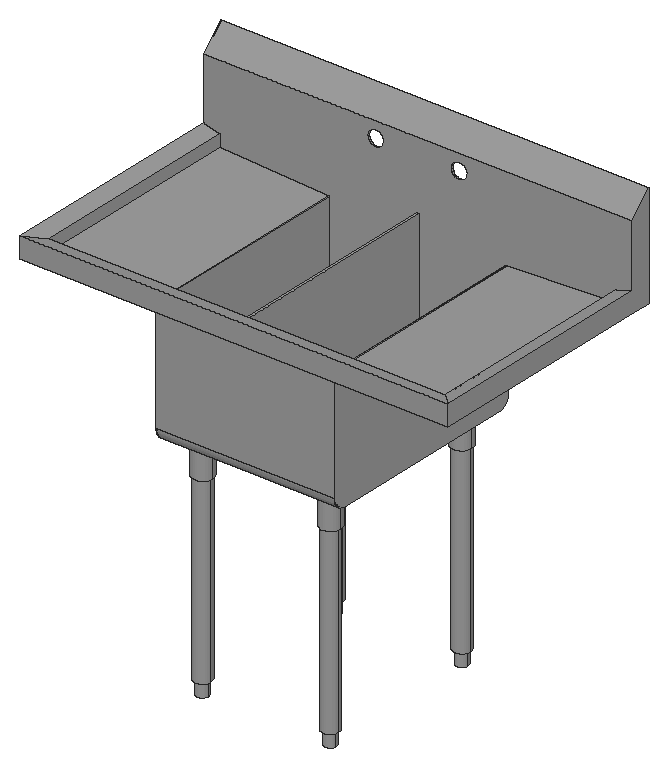
Revit family "equip-sink-elkay-weldbilt-DBL-DB-B", category Plumbing Fixtures, Revit 2019
Family settings
  Round Connector Dimension = Use Diameter
  Part Type = Normal
  Work Plane-Based = No
  Always vertical = Yes
  Cut with Voids When Loaded = No
  Shared = No
  Room Calculation Point = No
Parameters (values of type "ByType")
  Width = 2' - 0"
  URL = "http://www.elkayusa.com/cps/rde/xchg/elkay/hs.xsl/Default.aspx"
  Specification URL = "http://www.elkayusa.com/cps/rde/xbcr/elkay/04-06H_WELDBILT_DOUBLE_SCULLERY.pdf"
  Model Number = ""
  Model = "Weldbilt"
  Manufacturer = "Elkay Manufacturer"
  Length = 3' - 0"
  Installation URL = "http://www.elkayusa.com/cps/rde/xbcr/elkay/74180084.pdf"
  Hidden Width = if(Compartment Width > 0' 11", Width, (Backsplash Width + Sink Rim Front Width + Compartment Width))  # 2' - 0"
  Sink Rim Side Right Width = 0' - 1 1/2"  # constant formula
  Sink Material = Metal - Steel - Stainless - Chrome
  Hidden Drainboard Right = if(Drainboard Right > 0' 2", Drainboard Right, 0' 2")  # 1' - 0"
  Hidden Drainboard Left = if(Drainboard Left > 0' 2", Drainboard Left, 0' 2")  # 1' - 0"
  Hidden Compartment Width = Width - Sink Rim Front Width - Backsplash Width  # 1' - 8 1/2"
  Hidden Compartment Length = (Length - Drainboard Left - Drainboard Right) / 2  # 0' - 6"
  Drainboard Left = 1' - 0"
  Sink Rim Side Left Width = 0' - 1 1/2"  # constant formula
  Description = "Weldbilt Double Compartment Scullery Sinks, drainboard both sides"
  Compartment Length = if(Hidden Compartment Length > 0' 8 1/2", Hidden Compartment Length, 0' 8 1/2")  # 0' - 8 1/2"
  Hidden Length = if(Compartment Length > 0' 8 1/2", Length, (Drainboard Right + Drainboard Left + (Compartment Length * 2)))  # 3' - 5"
  Drainboard Right = 1' - 0"
  Sink Rim Front Width = 0' - 1 1/2"  # constant formula
  Backsplash Width = 0' - 2"  # constant formula
  Sink Drain Location = Compartment Width / 2  # 0' - 10 1/4"
  Compartment Depth = 1' - 2"
  Compartment Width = if(Hidden Compartment Width > 0' 11", Hidden Compartment Width, 0' 11")  # 1' - 8 1/2"
  Rim Height = 3' - 0"
  Hole 1 to 2 = 0' - 8"
  Hole 1 From CL = 0' - 4"
  Faucet CL from Top Backsplash = 0' - 3 1/2"
  Backsplash Height = 0' - 8"
Reference planes (in)
  plane 1 "CL Sink Hole": y = 0
  plane 2 "Bottom": z = 0
  plane 3 "Compartment Center": x = 0
  plane 4 "Basin Edge Left": x = -8.5
  plane 5 "Basin Edge Right": x = 8.5
  plane 6 "Basin Edge Back": y = 10.25
  plane 7 "Basin Edge Front": y = -10.25
  plane 8 "Left": x = -20.5
  plane 9 "Right": x = 20.5
  plane 10 "Back": y = 12.25
  plane 11 "Front": y = -11.75
  plane 12 "Sink Bowl Bottom (Top Face)": z = 22
  plane 13 "Sink Bowl Bottom (Bottom Face)": z = 21.875
  plane 14 "Sink Bottom Piece Back Edge": y = 9.25
  plane 15 "Sink Bottom Piece Front Edge": y = -9.25
  plane 16 "Center (Front/Back)": y = 0
  plane 17 "Sink Rim Top": z = 36
  plane 18 "Sink Bowl Bottom Radius Top Tangent": z = 23
  plane 19 "Sink Rim Inside Lower Edge": z = 35.59808
  plane 20: z = 44
  plane 21 "Backsplash Angle": z = 42
  plane 22 "Backsplash Side Piece Front": y = 10.375
  plane 23 "Backsplash Side Piece Top": z = 43.82322
  plane 24 "Backsplash Side Piece Angle": z = 41.94822
  plane 25 "Backsplash Side Piece Bottom": z = 34
  plane 26 "Backsplash Side Right Piece Inside Edge": x = 20.4375
  plane 27 "Backsplash Side Left Piece Inside Edge": x = -20.4375
  plane 28 "Basin Edge Right Outside Face": x = 8.5625
  plane 29 "Basin Edge Left Outside Face": x = -8.5625
  plane 30 "Faucet Hole CL Elev": z = 40.5
  plane 31 "CL Faucet Hole Left": x = -4
  plane 32 "CL Faucet Hole Right": x = 4
  plane 33 "Leg Left CL": x = -6.125
  plane 34 "Leg Front CL": y = -7.875
  plane 35: z = 18.825
  plane 36: z = 1.3125
  plane 37 "Leg Right CL": x = 6.125
  plane 38 "Leg Back CL": y = 7.875
  plane 39 "Sink Rim Inside Edge Right": x = 19
  plane 40 "Drainboard Lower Top Face": z = 34
  plane 41 "Drainboard Upper Top Face": z = 34.5
  plane 42: x = -19
  plane 43 "Partition Edge Left": x = -0.075
  plane 44 "Partition Edge Right": x = 0.075
  plane 45 "Sink Drain Left CL": x = -4.25
  plane 46 "Sink Drain Right CL": x = 4.25
  plane 47 "Partition Top": z = 35.47
  plane 48 "Center (Left/Right)": x = 0
  plane 49 "Basin Edge Front Outside": y = -10.375
  plane 50 "Basin Edge Back Outside": y = 10.375
Forms (in)
  Sweep 1, solid, material "Metal - Steel - Stainless - Chrome" <- "Sink Material"
    path origin (0, 0, 36) x (0, -1, 0) y (1, 0, 0)
      loop
        line (11.75, 8.5) -> (11.75, -8.5)
    profile "profile-weldbilt-rim : profile-weldbilt-rim" origin (0, -11.75, 36) x (0, -1, 0) y (0, 0, 1)
      loop
        line (-1.5, -0.40192) -> (-1.41389, -0.45164) -> (-0.07031, -0.09163) -> (-0.07031, -1.94605) -> (-0.42259, -2.04044) -> (-0.42259, -2.11323) -> (0, -2) -> (0, 0) -> (-1.5, -0.40192)
  Extrusion 2, solid, material "Metal - Steel - Stainless - Chrome" <- "Sink Material"
    sketch origin (0, 0, 0) x (0, 1, 0) y (0, 0, 1)
      loop
        line (-10.375, 35.59808) -> (-10.375, 23)
        arc (-10.375, 23) -> (-10.0455, 22.2045) -> (-9.25, 21.875) r 1.125
        line (-9.25, 21.875) -> (9.25, 21.875)
        arc (9.25, 21.875) -> (10.0455, 22.2045) -> (10.375, 23) r 1.125
        line (10.375, 23) -> (10.375, 34) -> (10.25, 34) -> (10.25, 23)
        arc (10.25, 23) -> (9.95711, 22.29289) -> (9.25, 22) r 1
        line (9.25, 22) -> (-9.25, 22)
        arc (-9.25, 22) -> (-9.95711, 22.29289) -> (-10.25, 23) r 1
        line (-10.25, 23) -> (-10.25, 35.59808) -> (-10.375, 35.59808)
    from -8.5 to 8.5
  Extrusion 3, solid, material "Metal - Steel - Stainless - Chrome" <- "Sink Material"
    sketch origin (0, 0, 0) x (0, 1, 0) y (0, 0, 1)
      loop
        line (10.25, 42) -> (10.25, 34) -> (10.375, 34) -> (10.375, 41.94822) -> (12.25, 43.82322) -> (12.25, 44) -> (10.25, 42)
    from -20.5 to 20.5
  Extrusion 4, solid, material "Metal - Steel - Stainless - Chrome" <- "Sink Material"
    sketch origin (20.5, 0, 0) x (0, 1, 0) y (0, 0, 1)
      loop
        line (12.25, 43.82322) -> (10.375, 41.94822) -> (10.375, 34) -> (12.25, 34) -> (12.25, 43.82322)
    from -0.0625 to 0
  Extrusion 5, solid, material "Metal - Steel - Stainless - Chrome" <- "Sink Material"
    sketch origin (-18, 0, 0) x (0, 1, 0) y (0, 0, 1)
      loop
        line (12.25, 43.82322) -> (10.375, 41.94822) -> (10.375, 34) -> (12.25, 34) -> (12.25, 43.82322)
    from -2.5 to -2.4375
  Extrusion 6, solid, material "Metal - Steel - Stainless - Chrome" <- "Sink Material"
    sketch origin (8.5, 0, 0) x (0, 1, 0) y (0, 0, 1)
      loop
        line (-10.375, 34) -> (-10.375, 23)
        arc (-10.375, 23) -> (-10.0455, 22.2045) -> (-9.25, 21.875) r 1.125
        line (-9.25, 21.875) -> (9.25, 21.875)
        arc (9.25, 21.875) -> (10.0455, 22.2045) -> (10.375, 23) r 1.125
        line (10.375, 23) -> (10.375, 34) -> (-10.375, 34)
    from 0 to 0.0625
  Extrusion 7, solid, material "Metal - Steel - Stainless - Chrome" <- "Sink Material"
    sketch origin (-8.5, 0, 0) x (0, 1, 0) y (0, 0, 1)
      loop
        line (10.375, 34) -> (-10.375, 34) -> (-10.375, 23)
        arc (-10.375, 23) -> (-10.0455, 22.2045) -> (-9.25, 21.875) r 1.125
        line (-9.25, 21.875) -> (9.25, 21.875)
        arc (9.25, 21.875) -> (10.0455, 22.2045) -> (10.375, 23) r 1.125
        line (10.375, 23) -> (10.375, 34)
    from -0.0625 to 0
  Extrusion 8, void
    sketch origin (0, 0, 0) x (1, 0, 0) y (0, 0, 1)
      loop
        circle (-4, 40.5) r 0.75
    from -10.375 to -10.25
  Extrusion 9, void
    sketch origin (0, 0, 0) x (1, 0, 0) y (0, 0, 1)
      loop
        circle (4, 40.5) r 0.75
    from -10.375 to -10.25
  Extrusion 10, void
    sketch origin (-45.27944, 78.60934, 0) x (1, 0, 0) y (0, 1, 0)
      loop
        circle (41.02944, -78.60934) r 2.375
    from 21.875 to 22
  Revolve 11, solid, material "Metal - Steel - Stainless - Chrome" <- "Sink Material"
    sketch origin (0, -7.875, 0) x (-1, 0, 0) y (0, 0, 1)
      loop
        line (6.9375, 18.825) -> (7.095, 18.825) -> (7.095, 21.875) -> (6.125, 21.875) -> (6.125, 0) -> (6.6875, 0) -> (6.6875, 1.3125) -> (6.9375, 1.3125) -> (6.9375, 18.825)
      axis (6.125, 21.875) -> (6.125, 0)
    angle from 0 to 360
  Revolve 12, solid, material "Metal - Steel - Stainless - Chrome" <- "Sink Material"
    sketch origin (0, -7.875, 0) x (-1, 0, 0) y (0, 0, 1)
      loop
        line (-6.9375, 18.825) -> (-6.9375, 1.3125) -> (-6.6875, 1.3125) -> (-6.6875, 0) -> (-6.125, 0) -> (-6.125, 21.875) -> (-7.095, 21.875) -> (-7.095, 18.825) -> (-6.9375, 18.825)
      axis (-6.125, 21.875) -> (-6.125, 0)
    angle from 0 to 360
  Revolve 13, solid, material "Metal - Steel - Stainless - Chrome" <- "Sink Material"
    sketch origin (0, 7.875, 0) x (-1, 0, 0) y (0, 0, 1)
      loop
        line (-6.9375, 18.825) -> (-6.9375, 1.3125) -> (-6.6875, 1.3125) -> (-6.6875, 0) -> (-6.125, 0) -> (-6.125, 21.875) -> (-7.095, 21.875) -> (-7.095, 18.825) -> (-6.9375, 18.825)
      axis (-6.125, 21.875) -> (-6.125, 0)
    angle from 0 to 360
  Revolve 14, solid, material "Metal - Steel - Stainless - Chrome" <- "Sink Material"
    sketch origin (0, 7.875, 0) x (-1, 0, 0) y (0, 0, 1)
      loop
        line (5.3125, 18.825) -> (5.3125, 1.3125) -> (5.5625, 1.3125) -> (5.5625, 0) -> (6.125, 0) -> (6.125, 21.875) -> (5.155, 21.875) -> (5.155, 18.825) -> (5.3125, 18.825)
      axis (6.125, 21.875) -> (6.125, 0)
    angle from 0 to 360
  Sweep 15, solid, material "Metal - Steel - Stainless - Chrome" <- "Sink Material"
    path origin (0, 0, 22) x (-1, 0, 0) y (0, -1, 0)
      loop
        circle (4.25, 0) r 2.375
    profile "profile-elkay-sink-hole-1 : profile-elkay-sink-hole-1" origin (-4.25, -2.375, 22) x (0, 1, 0) y (0, 0, 1)
      loop
        arc (0.10775, -0.05529) -> (0.06053, -0.01467) -> (0, 0) r 0.133
        line (0, 0) -> (0, -0.07422)
        arc (0, -0.07422) -> (0.0267, -0.08072) -> (0.04752, -0.09865) r 0.05878
        line (0.04752, -0.09865) -> (0.12152, -0.20143) -> (0.5715, -0.40832) -> (0.5715, -0.32577) -> (0.16939, -0.14089) -> (0.10775, -0.05529)
  Extrusion 16, solid, material "Metal - Steel - Stainless - Chrome" <- "Sink Material"
    sketch origin (0, 0, 0) x (1, 0, 0) y (0, 0, 1)
      loop
        line (8.5, 34) -> (8.5, 33.9257) -> (19, 34.4257) -> (19, 34.5) -> (8.5, 34)
    from -10.25 to 10.25
  Sweep 17, solid, material "Metal - Steel - Stainless - Chrome" <- "Sink Material"
    path origin (0, 0, 36) x (0, -1, 0) y (1, 0, 0)
      loop
        line (11.75, 8.5) -> (11.75, 20.5) -> (-10.25, 20.5)
    profile "profile-weldbilt-rim-db : profile-weldbilt-rim-db" origin (14.5, -11.75, 36) x (0, 1, 0) y (0, 0, 1)
      loop
        line (1.5, -0.40192) -> (0, 0) -> (0, -2) -> (0.42259, -2.11323) -> (0.42259, -2.04044) -> (0.07031, -1.94605) -> (0.07031, -0.09163) -> (1.4375, -0.45797) -> (1.4375, -2) -> (1.5, -2) -> (1.5, -0.40192)
  Extrusion 18, solid, material "Metal - Steel - Stainless - Chrome" <- "Sink Material"
    sketch origin (0, 0, 0) x (1, 0, 0) y (0, 0, 1)
      loop
        line (-19, 34.5) -> (-19, 34.4257) -> (-8.5, 33.9257) -> (-8.5, 34) -> (-19, 34.5)
    from -10.25 to 10.25
  Sweep 19, solid, material "Metal - Steel - Stainless - Chrome" <- "Sink Material"
    path origin (0, 0, 36) x (0, -1, 0) y (1, 0, 0)
      loop
        line (-10.25, -20.5) -> (11.75, -20.5) -> (11.75, -8.5)
    profile "profile-weldbilt-rim-db : profile-weldbilt-rim-db" origin (-20.5, -0.75, 36) x (1, 0, 0) y (0, 0, 1)
      loop
        line (1.5, -0.40192) -> (0, 0) -> (0, -2) -> (0.42259, -2.11323) -> (0.42259, -2.04044) -> (0.07031, -1.94605) -> (0.07031, -0.09163) -> (1.4375, -0.45797) -> (1.4375, -2) -> (1.5, -2) -> (1.5, -0.40192)
  Extrusion 20, void
    sketch origin (0, 0, 0) x (1, 0, 0) y (0, 1, 0)
      loop
        circle (4.25, 0) r 2.375
    from 21.875 to 22
  Sweep 21, solid, material "Metal - Steel - Stainless - Chrome" <- "Sink Material"
    path origin (0, 0, 22) x (-1, 0, 0) y (0, -1, 0)
      loop
        circle (-4.25, 0) r 2.375
    profile "profile-elkay-sink-hole-1 : profile-elkay-sink-hole-1" origin (4.25, -2.375, 22) x (0, 1, 0) y (0, 0, 1)
      loop
        arc (0.10775, -0.05529) -> (0.06053, -0.01467) -> (0, 0) r 0.133
        line (0, 0) -> (0, -0.07422)
        arc (0, -0.07422) -> (0.0267, -0.08072) -> (0.04752, -0.09865) r 0.05878
        line (0.04752, -0.09865) -> (0.12152, -0.20143) -> (0.5715, -0.40832) -> (0.5715, -0.32577) -> (0.16939, -0.14089) -> (0.10775, -0.05529)
  Extrusion 22, solid, material "Metal - Steel - Stainless - Chrome" <- "Sink Material"
    sketch origin (0, 0, 0) x (0, 1, 0) y (0, 0, 1)
      loop
        line (-10.25, 35.47) -> (-10.25, 23)
        arc (-10.25, 23) -> (-9.95711, 22.29289) -> (-9.25, 22) r 1
        line (-9.25, 22) -> (9.25, 22)
        arc (9.25, 22) -> (9.95711, 22.29289) -> (10.25, 23) r 1
        line (10.25, 23) -> (10.25, 35.47) -> (-10.25, 35.47)
    from -0.075 to 0.075
Cuts and joins
  Extrusion 10, Extrusion 20 cuts Extrusion 2
  Extrusion 8, Extrusion 9 cuts Extrusion 3
  Extrusion 10 cuts Extrusion 6
  joined: Sweep 1, Extrusion 2, Extrusion 3, Extrusion 4, Extrusion 5, Extrusion 6, Extrusion 7, Sweep 15, Sweep 17, Sweep 19, Sweep 21
Lines and regions (in)
  Masking region 1
    outline origin (0, 0, 0) x (1, 0, 0) y (0, 1, 0)
      loop
        line (-20.5, 12.25) -> (-20.5, -11.75) -> (20.5, -11.75) -> (20.5, 12.25) -> (-20.5, 12.25)
  reference lines
    curve 1: arc (0, -9.25, 22) -> (0, -9.95711, 22.29289) -> (0, -10.25, 23) r 1
    curve 2: arc (0, 10.25, 23) -> (0, 9.95711, 22.29289) -> (0, 9.25, 22) r 1
    curve 3: line (-6.125, -7.875, 21.875) -> (-6.125, -7.875, 0)
    curve 4: line (6.125, -7.875, 22) -> (6.125, -7.875, 0)
    curve 5: line (6.125, 7.875, 21.875) -> (6.125, 7.875, 0)
    curve 6: line (-6.125, 7.875, 21.875) -> (-6.125, 7.875, 0)
    curve 13: line (8.5, 0, 34) -> (19, 0, 34.5)
    curve 14: line (8.50165, 0, 33.92578) -> (19.00165, 0, 34.42578)
    curve 15: line (-8.5, 0, 34) -> (-19, 0, 34.5)
    curve 16: line (-8.50165, 0, 33.92578) -> (-19.00165, 0, 34.42578)
    curve 26: arc (0, -10.375, 23) -> (0, -10.0455, 22.2045) -> (0, -9.25, 21.875) r 1.125
    curve 27: arc (0, 10.375, 23) -> (0, 10.0455, 22.2045) -> (0, 9.25, 21.875) r 1.125
  symbolic lines
    curve 7: line (-20.5, 10.25, 0) -> (20.5, 10.25, 0)
    curve 8: line (-8.5, -10.25, 0) -> (-8.5, 10.25, 0)
    curve 9: line (19, -10.25, 0) -> (-19, -10.25, 0)
    curve 10: line (8.5, 10.25, 0) -> (8.5, -10.25, 0)
    curve 11: line (-19, -10.25, 0) -> (-20.5, -11.75, 0)
    curve 12: line (20.5, -11.75, 0) -> (19, -10.25, 0)
    curve 17: line (-19, 10.25, 0) -> (-19, -10.25, 0)
    curve 18: line (19, 10.25, 0) -> (19, -10.25, 0)
    curve 19: circle (-4.25, 0, 0) r 2.375 normal (0, 0, 1)
    curve 20: circle (-4.25, 0, 0) r 1.75 normal (0, 0, 1)
    curve 21: circle (4.25, 0, 0) r 2.375 normal (0, 0, 1)
    curve 22: circle (4.25, 0, 0) r 1.75 normal (0, 0, 1)
    curve 23: line (-0.075, -10.25, 0) -> (-0.075, 10.25, 0)
    curve 24: line (0.075, 10.25, 0) -> (0.075, -10.25, 0)
    curve 25: line (0, 12.25, 44) -> (0, 10.25, 42)
Dimensions and locks (in)
  equal spacing: plane 4 "Basin Edge Left", plane 3 "Compartment Center", plane 5 "Basin Edge Right"
  "Hidden Drainboard Left": plane 8 "Left" to plane 4 "Basin Edge Left"
  "Hidden Drainboard Right": plane 5 "Basin Edge Right" to plane 9 "Right"
  "Hidden Length": plane 8 "Left" to plane 9 "Right"
  "Sink Drain Location": plane 6 "Basin Edge Back" to plane 1 "CL Sink Hole"
  "Backsplash Width": plane 10 "Back" to plane 6 "Basin Edge Back"
  "Sink Rim Front Width": plane 7 "Basin Edge Front" to plane 11 "Front"
  "Hidden Width": plane 10 "Back" to plane 11 "Front"
  locked: plane 15 "Sink Bottom Piece Front Edge" to plane 7 "Basin Edge Front" at 1
  locked: plane 6 "Basin Edge Back" to plane 14 "Sink Bottom Piece Back Edge" at 1
  plane 6 "Basin Edge Back" to plane 7 "Basin Edge Front" = 1' - 8 1/2"
  equal spacing: plane 6 "Basin Edge Back", plane 16 "Center (Front/Back)", plane 7 "Basin Edge Front"
  "Compartment Depth": plane 17 "Sink Rim Top" to plane 12 "Sink Bowl Bottom (Top Face)"
  "Rim Height": plane 17 "Sink Rim Top" to plane 2 "Bottom"
  locked: plane 18 "Sink Bowl Bottom Radius Top Tangent" to plane 12 "Sink Bowl Bottom (Top Face)" at 1
  locked: plane 17 "Sink Rim Top" to plane 19 "Sink Rim Inside Lower Edge" at 0.40192
  "Backsplash Height": plane 20 to plane 17 "Sink Rim Top"
  locked: plane 20 to plane 21 "Backsplash Angle" at 2
  locked: plane 20 to plane 23 "Backsplash Side Piece Top" at 0.17678
  locked: plane 6 "Basin Edge Back" to plane 22 "Backsplash Side Piece Front" at 0.125
  locked: plane 21 "Backsplash Angle" to plane 24 "Backsplash Side Piece Angle" at 0.05178
  locked: plane 26 "Backsplash Side Right Piece Inside Edge" to plane 9 "Right" at 0.0625
  locked: plane 8 "Left" to plane 27 "Backsplash Side Left Piece Inside Edge" at 0.0625
  locked: plane 5 "Basin Edge Right" to plane 28 "Basin Edge Right Outside Face" at 0.0625
  plane 29 "Basin Edge Left Outside Face" to plane 4 "Basin Edge Left" = 0' - 0 1/16"
  locked: plane 17 "Sink Rim Top" to plane 25 "Backsplash Side Piece Bottom" at 2
  locked: plane 34 "Leg Front CL" to plane 7 "Basin Edge Front" at 2.375
  locked: plane 4 "Basin Edge Left" to plane 33 "Leg Left CL" at 2.375
  "Hole 1 From CL": plane 31 "CL Faucet Hole Left" to plane 3 "Compartment Center"
  "Hole 1 to 2": plane 31 "CL Faucet Hole Left" to plane 32 "CL Faucet Hole Right"
  locked: plane 12 "Sink Bowl Bottom (Top Face)" to plane 13 "Sink Bowl Bottom (Bottom Face)" at 0.125
  locked: plane 12 "Sink Bowl Bottom (Top Face)" to plane 35 at 3.175
  locked: plane 36 to plane 2 "Bottom" at 1.3125
  "Faucet CL from Top Backsplash": plane 20 to plane 30 "Faucet Hole CL Elev"
  locked: plane 37 "Leg Right CL" to plane 5 "Basin Edge Right" at 2.375
  locked: plane 6 "Basin Edge Back" to plane 38 "Leg Back CL" at 2.375
  "Sink Rim Side Right Width": plane 39 "Sink Rim Inside Edge Right" to plane 9 "Right"
  locked: plane 17 "Sink Rim Top" to plane 41 "Drainboard Upper Top Face" at 1.5
  locked: plane 17 "Sink Rim Top" to plane 40 "Drainboard Lower Top Face" at 2
  "Sink Rim Side Left Width": plane 8 "Left" to plane 42
  equal spacing: plane 43 "Partition Edge Left", plane 3 "Compartment Center", plane 44 "Partition Edge Right"
  locked: plane 43 "Partition Edge Left" to plane 44 "Partition Edge Right" at 0.15
  equal spacing: plane 4 "Basin Edge Left", plane 45 "Sink Drain Left CL", plane 3 "Compartment Center"
  equal spacing: plane 3 "Compartment Center", plane 46 "Sink Drain Right CL", plane 5 "Basin Edge Right"
  locked: plane 17 "Sink Rim Top" to plane 47 "Partition Top" at 0.53
  equal spacing: plane 8 "Left", plane 48 "Center (Left/Right)", plane 9 "Right"
  locked: plane 49 "Basin Edge Front Outside" to plane 7 "Basin Edge Front" at 0.125
  locked: plane 6 "Basin Edge Back" to plane 50 "Basin Edge Back Outside" at 0.125
  locked: nested 1 to plane 9 "Right" at 4
  locked: plane 10 "Back" to nested 1 at 1
  aligned and locked: Extrusion 2 sketch curve to plane 6 "Basin Edge Back"
  aligned and locked: Extrusion 2 sketch curve to curve 2
  aligned and locked: Extrusion 2 sketch curve to curve 1
  aligned and locked: plane 5 "Basin Edge Right" to Extrusion 2
  aligned and locked: Extrusion 2 to plane 4 "Basin Edge Left"
  aligned and locked: Extrusion 2 sketch curve to plane 19 "Sink Rim Inside Lower Edge"
  aligned and locked: Extrusion 3 sketch curve to plane 10 "Back"
  aligned and locked: Extrusion 3 sketch curve to plane 6 "Basin Edge Back"
  aligned and locked: plane 9 "Right" to Extrusion 3
  aligned and locked: Extrusion 3 to plane 8 "Left"
  aligned and locked: plane 10 "Back" to Extrusion 4 sketch curve
  aligned and locked: Extrusion 4 sketch curve to plane 25 "Backsplash Side Piece Bottom"
  aligned and locked: Extrusion 4 sketch curve to plane 22 "Backsplash Side Piece Front"
  aligned and locked: Extrusion 4 to plane 26 "Backsplash Side Right Piece Inside Edge"
  aligned and locked: plane 9 "Right" to Extrusion 4
  aligned and locked: Extrusion 5 sketch curve to plane 10 "Back"
  aligned and locked: plane 22 "Backsplash Side Piece Front" to Extrusion 5 sketch curve
  aligned and locked: plane 25 "Backsplash Side Piece Bottom" to Extrusion 5 sketch curve
  aligned and locked: plane 27 "Backsplash Side Left Piece Inside Edge" to Extrusion 5
  aligned and locked: Extrusion 5 to plane 8 "Left"
  aligned and locked: Extrusion 6 to plane 5 "Basin Edge Right"
  aligned and locked: plane 28 "Basin Edge Right Outside Face" to Extrusion 6
  aligned and locked: Extrusion 7 to plane 29 "Basin Edge Left Outside Face"
  aligned and locked: plane 4 "Basin Edge Left" to Extrusion 7
  aligned and locked: plane 22 "Backsplash Side Piece Front" to Extrusion 9
  aligned and locked: Extrusion 9 to plane 6 "Basin Edge Back"
  aligned and locked: plane 22 "Backsplash Side Piece Front" to Extrusion 8
  aligned: Extrusion 8 to plane 14 "Sink Bottom Piece Back Edge"
  aligned and locked: Extrusion 8 to plane 6 "Basin Edge Back"
  aligned and locked: plane 12 "Sink Bowl Bottom (Top Face)" to Extrusion 10
  aligned and locked: Extrusion 10 to plane 13 "Sink Bowl Bottom (Bottom Face)"
  aligned and locked: Revolve 11 sketch curve to plane 13 "Sink Bowl Bottom (Bottom Face)"
  aligned and locked: Revolve 11 sketch curve to curve 3
  aligned and locked: curve 4 to plane 37 "Leg Right CL"
  aligned and locked: plane 12 "Sink Bowl Bottom (Top Face)" to curve 4
  aligned and locked: plane 2 "Bottom" to curve 4
  aligned and locked: Revolve 12 sketch curve to plane 36
  aligned and locked: Revolve 12 sketch curve to plane 35
  aligned and locked: plane 2 "Bottom" to Revolve 12 sketch curve  (x3)
  aligned and locked: plane 13 "Sink Bowl Bottom (Bottom Face)" to Revolve 12 sketch curve  (x2)
  aligned and locked: curve 4 to Revolve 12 sketch curve  (x2)
  aligned and locked: Revolve 13 sketch curve to plane 2 "Bottom"
  aligned and locked: plane 36 to Revolve 13 sketch curve
  aligned and locked: plane 35 to Revolve 13 sketch curve
  aligned and locked: Revolve 13 sketch curve to plane 13 "Sink Bowl Bottom (Bottom Face)"
  aligned and locked: plane 37 "Leg Right CL" to Revolve 13 sketch curve
  aligned and locked: Revolve 13 sketch curve to curve 5
  aligned and locked: Revolve 14 sketch curve to plane 2 "Bottom"
  aligned and locked: plane 36 to Revolve 14 sketch curve
  aligned and locked: plane 35 to Revolve 14 sketch curve
  aligned and locked: Revolve 14 sketch curve to plane 13 "Sink Bowl Bottom (Bottom Face)"
  aligned and locked: plane 33 "Leg Left CL" to Revolve 14 sketch curve
  aligned and locked: plane 2 "Bottom" to Revolve 14 sketch curve
  aligned and locked: Revolve 14 sketch curve to plane 33 "Leg Left CL"
  aligned and locked: Masking region 1 sketch curve to plane 10 "Back"
  aligned and locked: plane 8 "Left" to Masking region 1 sketch curve
  aligned and locked: Masking region 1 sketch curve to plane 9 "Right"
  aligned and locked: plane 11 "Front" to Masking region 1 sketch curve
  aligned and locked: plane 7 "Basin Edge Front" to curve 9
  aligned and locked: plane 4 "Basin Edge Left" to curve 8
  aligned and locked: curve 7 to plane 6 "Basin Edge Back"
  aligned and locked: plane 8 "Left" to curve 7
  aligned and locked: plane 9 "Right" to curve 7
  aligned and locked: Extrusion 6 sketch curve to plane 40 "Drainboard Lower Top Face"
  aligned and locked: Extrusion 16 sketch curve to curve 13
  aligned and locked: plane 5 "Basin Edge Right" to Extrusion 16 sketch curve
  aligned and locked: Extrusion 16 sketch curve to plane 39 "Sink Rim Inside Edge Right"
  aligned and locked: Extrusion 16 sketch curve to curve 14
  aligned and locked: plane 6 "Basin Edge Back" to Extrusion 16
  aligned and locked: Extrusion 16 to plane 7 "Basin Edge Front"
  aligned and locked: Extrusion 2 sketch curve to plane 40 "Drainboard Lower Top Face"
  aligned and locked: Extrusion 3 sketch curve to plane 40 "Drainboard Lower Top Face"
  aligned and locked: plane 5 "Basin Edge Right" to Sweep 1 sketch curve
  aligned and locked: Sweep 17 sketch curve to plane 11 "Front"
  aligned and locked: plane 9 "Right" to Sweep 17 sketch curve
  aligned and locked: plane 5 "Basin Edge Right" to Sweep 17 sketch curve
  aligned and locked: plane 6 "Basin Edge Back" to Sweep 17 sketch curve
  aligned and locked: Extrusion 7 sketch curve to plane 40 "Drainboard Lower Top Face"
  aligned and locked: plane 42 to Extrusion 18 sketch curve
  aligned and locked: Extrusion 18 sketch curve to plane 4 "Basin Edge Left"
  aligned and locked: Extrusion 18 sketch curve to curve 15
  aligned and locked: Extrusion 18 sketch curve to curve 16
  aligned and locked: plane 6 "Basin Edge Back" to Extrusion 18
  aligned and locked: Extrusion 18 to plane 7 "Basin Edge Front"
  aligned and locked: plane 4 "Basin Edge Left" to Sweep 1 sketch curve
  aligned and locked: Sweep 19 sketch curve to plane 11 "Front"
  aligned and locked: Sweep 19 sketch curve to plane 8 "Left"
  aligned and locked: plane 6 "Basin Edge Back" to Sweep 19 sketch curve
  aligned and locked: plane 4 "Basin Edge Left" to Sweep 19 sketch curve
  aligned and locked: plane 12 "Sink Bowl Bottom (Top Face)" to Extrusion 20
  aligned and locked: Extrusion 20 to plane 13 "Sink Bowl Bottom (Bottom Face)"
  aligned and locked: Extrusion 22 sketch curve to plane 47 "Partition Top"
  aligned and locked: Extrusion 22 sketch curve to plane 6 "Basin Edge Back"
  aligned and locked: Extrusion 22 sketch curve to curve 1
  aligned and locked: Extrusion 22 sketch curve to curve 2
  aligned and locked: Extrusion 22 to plane 43 "Partition Edge Left"
  aligned and locked: plane 44 "Partition Edge Right" to Extrusion 22
  aligned and locked: Extrusion 6 sketch curve to plane 50 "Basin Edge Back Outside"
  aligned and locked: Extrusion 6 sketch curve to plane 49 "Basin Edge Front Outside"
  aligned and locked: Extrusion 6 sketch curve to curve 26
  aligned and locked: Extrusion 6 sketch curve to curve 27
  aligned and locked: Extrusion 7 sketch curve to plane 49 "Basin Edge Front Outside"
  aligned and locked: Extrusion 7 sketch curve to plane 50 "Basin Edge Back Outside"
  aligned and locked: Extrusion 7 sketch curve to curve 27
  aligned and locked: Extrusion 7 sketch curve to curve 26
Automatic sketch dimensions
  Extrusion 2 sketch curve to Extrusion 2 sketch curve = 0' - 0"  (x4)
  Extrusion 2 sketch curve to plane 22 "Backsplash Side Piece Front" = 0' - 0"
  Extrusion 3 sketch curve to plane 22 "Backsplash Side Piece Front" = 0' - 0"
  Extrusion 3 sketch curve to plane 24 "Backsplash Side Piece Angle" = 0' - 0"
  Extrusion 3 sketch curve to plane 21 "Backsplash Angle" = 0' - 0"
  Extrusion 3 sketch curve to plane 23 "Backsplash Side Piece Top" = 0' - 0"
  Extrusion 3 sketch curve to plane 20 = 0' - 0"
  Extrusion 4 sketch curve to plane 24 "Backsplash Side Piece Angle" = 0' - 0"
  Extrusion 4 sketch curve to plane 23 "Backsplash Side Piece Top" = 0' - 0"
  Extrusion 5 sketch curve to plane 24 "Backsplash Side Piece Angle" = 0' - 0"
  Extrusion 5 sketch curve to plane 23 "Backsplash Side Piece Top" = 0' - 0"
  Extrusion 8 sketch curve to plane 30 "Faucet Hole CL Elev" = 0' - 0"
  Extrusion 8 sketch curve to plane 31 "CL Faucet Hole Left" = 0' - 0"
  Extrusion 9 sketch curve to plane 30 "Faucet Hole CL Elev" = 0' - 0"
  Extrusion 9 sketch curve to plane 32 "CL Faucet Hole Right" = 0' - 0"
  curve 3 to level = 0' - 0"
  curve 3 to plane 33 "Leg Left CL" = 0' - 0"
  curve 3 to plane 13 "Sink Bowl Bottom (Bottom Face)" = 0' - 0"
  Revolve 11 sketch curve to plane 33 "Leg Left CL" = 0' - 0"
  Revolve 11 sketch curve to level = 0' - 0"  (x2)
  Revolve 11 sketch curve to plane 36 = 0' - 0"
  Revolve 11 sketch curve to plane 35 = 0' - 0"
  Revolve 11 sketch curve to plane 13 "Sink Bowl Bottom (Bottom Face)" = 0' - 0"
  Revolve 11 sketch curve to Revolve 11 sketch curve = 0' - 0 9/16"
  Revolve 11 sketch curve to Revolve 11 sketch curve = 0' - 0 1/4"
  Revolve 11 sketch curve to Revolve 11 sketch curve = 0' - 0.1575"
  plane 37 "Leg Right CL" to Revolve 12 sketch curve = 0' - 0 9/16"
  plane 37 "Leg Right CL" to Revolve 12 sketch curve = 0' - 0 13/16"
  Revolve 12 sketch curve to Revolve 12 sketch curve = 0' - 0.1575"
  curve 5 to level = 0' - 0"
  curve 5 to plane 37 "Leg Right CL" = 0' - 0"
  curve 5 to plane 13 "Sink Bowl Bottom (Bottom Face)" = 0' - 0"
  Revolve 13 sketch curve to level = 0' - 0"
  Revolve 13 sketch curve to plane 13 "Sink Bowl Bottom (Bottom Face)" = 0' - 0"
  plane 37 "Leg Right CL" to Revolve 13 sketch curve = 0' - 0 9/16"
  Revolve 13 sketch curve to Revolve 13 sketch curve = 0' - 0 1/4"
  Revolve 13 sketch curve to Revolve 13 sketch curve = 0' - 0.97"
  Revolve 14 sketch curve to plane 13 "Sink Bowl Bottom (Bottom Face)" = 0' - 0"
  plane 33 "Leg Left CL" to Revolve 14 sketch curve = 0' - 0 9/16"
  Revolve 14 sketch curve to Revolve 14 sketch curve = 0' - 0 1/4"
  Revolve 14 sketch curve to Revolve 14 sketch curve = 0' - 0.97"
  curve 6 to level = 0' - 0"
  curve 6 to plane 33 "Leg Left CL" = 0' - 0"
  curve 6 to plane 13 "Sink Bowl Bottom (Bottom Face)" = 0' - 0"
  curve 13 to plane 39 "Sink Rim Inside Edge Right" = 0' - 0"
  curve 13 to plane 5 "Basin Edge Right" = 0' - 0"
  curve 13 to plane 25 "Backsplash Side Piece Bottom" = 0' - 0"
  curve 13 to plane 41 "Drainboard Upper Top Face" = 0' - 0"
  plane 39 "Sink Rim Inside Edge Right" to curve 14 = 0' - 0.00165"
  plane 5 "Basin Edge Right" to curve 14 = 0' - 0.00165"
  Sweep 1 sketch curve to plane 11 "Front" = 0' - 0"
  curve 15 to plane 4 "Basin Edge Left" = 0' - 0"
  curve 15 to plane 41 "Drainboard Upper Top Face" = 0' - 0"
  curve 15 to plane 42 = 0' - 0"
  curve 15 to plane 25 "Backsplash Side Piece Bottom" = 0' - 0"
  curve 16 to plane 4 "Basin Edge Left" = 0' - 0.00165"
  curve 16 to plane 42 = 0' - 0.00165"
  plane 1 "CL Sink Hole" to Sweep 15 sketch curve = 0' - 0"
  Sweep 15 sketch curve to plane 45 "Sink Drain Left CL" = 0' - 0"
  plane 1 "CL Sink Hole" to Extrusion 10 sketch curve = 0' - 0"
  Extrusion 10 sketch curve to plane 45 "Sink Drain Left CL" = 0' - 0"
  plane 1 "CL Sink Hole" to Extrusion 20 sketch curve = 0' - 0"
  Extrusion 20 sketch curve to plane 46 "Sink Drain Right CL" = 0' - 0"
  plane 1 "CL Sink Hole" to Sweep 21 sketch curve = 0' - 0"
  Sweep 21 sketch curve to plane 46 "Sink Drain Right CL" = 0' - 0"
  curve 19 to curve 20 = 0' - 0"  (x2)
  curve 21 to curve 22 = 0' - 0"  (x2)
  curve 11 to plane 8 "Left" = 0' - 0"
  curve 17 to plane 42 = 0' - 0"
  plane 1 "CL Sink Hole" to curve 20 = 0' - 0"
  curve 20 to plane 45 "Sink Drain Left CL" = 0' - 0"
  curve 23 to plane 43 "Partition Edge Left" = 0' - 0"
  curve 24 to plane 44 "Partition Edge Right" = 0' - 0"
  plane 1 "CL Sink Hole" to curve 21 = 0' - 0"
  curve 21 to plane 46 "Sink Drain Right CL" = 0' - 0"
  curve 10 to plane 5 "Basin Edge Right" = 0' - 0"
  curve 18 to plane 39 "Sink Rim Inside Edge Right" = 0' - 0"
  curve 12 to plane 9 "Right" = 0' - 0"
  curve 12 to plane 11 "Front" = 0' - 0"
  curve 11 to plane 11 "Front" = 0' - 0"
  curve 25 to plane 6 "Basin Edge Back" = 0' - 0"
  curve 25 to plane 10 "Back" = 0' - 0"
  curve 25 to plane 21 "Backsplash Angle" = 0' - 0"
  curve 25 to plane 20 = 0' - 0"
  curve 1 to curve 26 = 0' - 0"  (x2)
  curve 2 to curve 27 = 0' - 0"  (x2)
  curve 26 to plane 18 "Sink Bowl Bottom Radius Top Tangent" = 0' - 0"
  curve 26 to plane 49 "Basin Edge Front Outside" = 0' - 0"
  curve 1 to plane 7 "Basin Edge Front" = 0' - 0"
  curve 26 to plane 13 "Sink Bowl Bottom (Bottom Face)" = 0' - 0"
  curve 27 to plane 13 "Sink Bowl Bottom (Bottom Face)" = 0' - 0"
  curve 27 to plane 14 "Sink Bottom Piece Back Edge" = 0' - 0"
  curve 2 to plane 6 "Basin Edge Back" = 0' - 0"
  curve 27 to plane 18 "Sink Bowl Bottom Radius Top Tangent" = 0' - 0"
  curve 14 to plane 25 "Backsplash Side Piece Bottom" = 0' - 0 19/256"
  curve 16 to plane 25 "Backsplash Side Piece Bottom" = 0' - 0 19/256"
  curve 14 to plane 41 "Drainboard Upper Top Face" = 0' - 0 19/256"
  curve 16 to plane 41 "Drainboard Upper Top Face" = 0' - 0 19/256"
  radius of Extrusion 8 sketch curve = 0' - 0 3/4"
  radius of Extrusion 9 sketch curve = 0' - 0 3/4"
  radius of Sweep 15 sketch curve = 0' - 2 3/8"
  radius of Extrusion 10 sketch curve = 0' - 2 3/8"
  radius of Extrusion 20 sketch curve = 0' - 2 3/8"
  radius of Sweep 21 sketch curve = 0' - 2 3/8"
  radius of curve 19 = 0' - 2 3/8"
  radius of curve 20 = 0' - 1 3/4"
  radius of curve 21 = 0' - 2 3/8"
  radius of curve 22 = 0' - 1 3/4"
Nested families (in)
  nested 1: "logo-elkay-detail" at (16.5, 11.25, 0), type "logo-elkay-detail"
Definition of nested family "logo-elkay-detail"
  Reference planes (in)
    plane 1 "Center (Front/Back)": y = 0
    plane 2: z = 0
    plane 3 "Center (Left/Right)": x = 0
  Lines and regions (in)
    detail lines, in view "Ref. Level"
      curve 1: line (-1.81545, 0.37736, 0) -> (-2.86608, 0.37736, 0)
      curve 2: line (-2.86608, 0.37736, 0) -> (-2.99916, -0.37736, 0)
      curve 3: line (-2.99916, -0.37736, 0) -> (-1.89769, -0.37736, 0)
      curve 4: line (-1.89769, -0.37736, 0) -> (-1.87836, -0.26772, 0)
      curve 5: line (-1.87836, -0.26772, 0) -> (-2.75664, -0.26772, 0)
      curve 6: line (-2.75664, -0.26772, 0) -> (-2.71915, -0.05507, 0)
      curve 7: line (-2.71915, -0.05507, 0) -> (-1.94254, -0.05507, 0)
      curve 8: line (-1.94254, -0.05507, 0) -> (-1.92312, 0.05507, 0)
      curve 9: line (-1.92312, 0.05507, 0) -> (-2.71407, 0.05507, 0)
      curve 10: line (-2.71407, 0.05507, 0) -> (-2.67657, 0.26772, 0)
      curve 11: line (-2.67657, 0.26772, 0) -> (-1.83479, 0.26772, 0)
      curve 12: line (-1.83479, 0.26772, 0) -> (-1.81545, 0.37736, 0)
      curve 13: line (-1.55864, -0.26772, 0) -> (-1.44489, 0.37736, 0)
      curve 14: line (-1.44489, 0.37736, 0) -> (-1.65384, 0.37736, 0)
      curve 15: line (-1.65384, 0.37736, 0) -> (-1.78692, -0.37736, 0)
      curve 16: line (-1.78692, -0.37736, 0) -> (-0.81843, -0.37736, 0)
      curve 17: line (-0.81843, -0.37736, 0) -> (-0.7991, -0.26772, 0)
      curve 18: line (-0.7991, -0.26772, 0) -> (-1.55864, -0.26772, 0)
      curve 19: line (-0.70839, -0.37736, 0) -> (-0.57531, 0.37736, 0)
      curve 20: line (-0.57531, 0.37736, 0) -> (-0.36636, 0.37736, 0)
      curve 21: line (-0.36636, 0.37736, 0) -> (-0.44053, -0.04327, 0)
      curve 22: line (-0.44053, -0.04327, 0) -> (0.30095, 0.37736, 0)
      curve 23: line (0.30095, 0.37736, 0) -> (0.59826, 0.37736, 0)
      curve 24: line (0.59826, 0.37736, 0) -> (0.025, 0.05216, 0)
      curve 25: line (0.025, 0.05216, 0) -> (0.49251, -0.37736, 0)
      curve 26: line (0.49251, -0.37736, 0) -> (0.1672, -0.37736, 0)
      curve 27: line (0.1672, -0.37736, 0) -> (-0.17613, -0.06193, 0)
      curve 28: line (-0.17613, -0.06193, 0) -> (-0.47357, -0.23067, 0)
      curve 29: line (-0.47357, -0.23067, 0) -> (-0.49944, -0.37736, 0)
      curve 30: line (-0.49944, -0.37736, 0) -> (-0.70839, -0.37736, 0)
      curve 31: line (1.55597, -0.12503, 0) -> (1.3377, 0.32386, 0)
      curve 32: line (1.3377, 0.32386, 0) -> (0.94493, -0.12503, 0)
      curve 33: line (0.94493, -0.12503, 0) -> (1.55597, -0.12503, 0)
      curve 34: line (1.55608, 0.37736, 0) -> (1.92307, -0.37736, 0)
      curve 35: line (1.92307, -0.37736, 0) -> (1.67867, -0.37736, 0)
      curve 36: line (1.67867, -0.37736, 0) -> (1.60734, -0.23067, 0)
      curve 37: line (1.60734, -0.23067, 0) -> (0.8525, -0.23067, 0)
      curve 38: line (0.8525, -0.23067, 0) -> (0.72414, -0.37736, 0)
      curve 39: line (0.72414, -0.37736, 0) -> (0.52921, -0.37736, 0)
      curve 40: line (0.52921, -0.37736, 0) -> (1.1896, 0.37736, 0)
      curve 41: line (1.1896, 0.37736, 0) -> (1.55608, 0.37736, 0)
      curve 42: line (1.98079, 0.37736, 0) -> (2.29994, 0.03841, 0)
      curve 43: line (2.29994, 0.03841, 0) -> (2.75395, 0.37736, 0)
      curve 44: line (2.75395, 0.37736, 0) -> (2.99916, 0.37736, 0)
      curve 45: line (2.99916, 0.37736, 0) -> (2.38123, -0.08397, 0)
      curve 46: line (2.38123, -0.08397, 0) -> (2.3295, -0.37736, 0)
      curve 47: line (2.3295, -0.37736, 0) -> (2.10632, -0.37736, 0)
      curve 48: line (2.10632, -0.37736, 0) -> (2.15092, -0.12442, 0)
      curve 49: line (2.15092, -0.12442, 0) -> (1.67845, 0.37736, 0)
      curve 50: line (1.67845, 0.37736, 0) -> (1.98079, 0.37736, 0)
